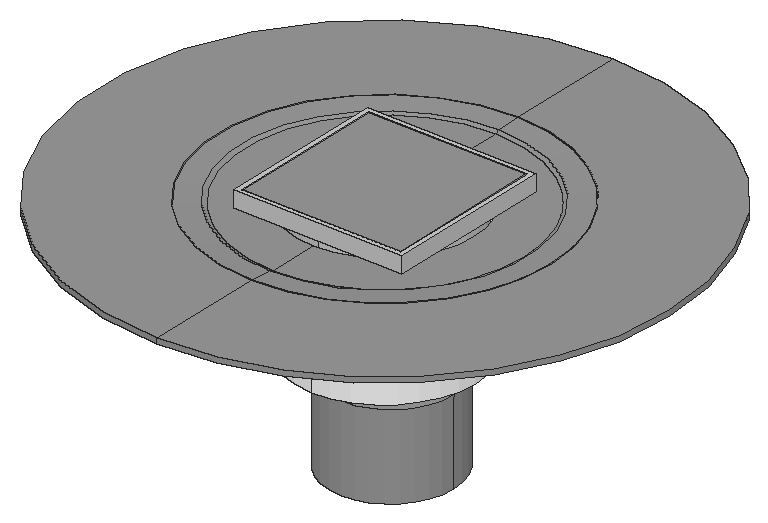
Revit family "151_HL317H", category Instalační zařizovací předměty, Revit 2016
Family settings
  Typ součásti = Normální
  Kóta kulaté spojky = Použít průměr
  Číslo OmniClass = 23.70.50.21.24.14
  Nadpis OmniClass = Deck Waste Water Drains
  Založené na pracovní rovině = Ne
  Vždy vertikální = Ano
  Ořezat dutým tvarem při načtení = Ne
  Sdílené = Ano
  Bod výpočtu místnosti = Ano
Parameters (values of type "HL317H")
  РЕШЁТКА = "138 x 138 mm / V2A"
  РАЗМЕР = "DN50/75/110"
  ПРОПУСКНАЯ СПОСОБНОСТЬ = 1.8 L/s
  ПРОИЗВОДИТЕЛЬНОСТЬ = "1,8 l/s"
  ПРАВОВАЯ ИНФОРМАЦИЯ = "Авторские права(©), права на дизайн или какие либо другие права интелектуальной собственности являются исключительной собственностью компании HL Hutterer & Lechner. Изменению не подлежит. Файл семейства с данными о прозводителе изделия защищен паролем с водяным знаком."  # constant formula
  НОМИНАЛЬНЫЙ ДИАМЕТР [instance] = 110 mm
  НАСАДКА = "20-70 mm / 147 x 147 mm / PP"
  МАТЕРИАЛ = "PP"
  МАКСИМАЛЬНАЯ НАГРУЗКА КЛАССА = "K3 - 300kg"
  ВЫСОТА МОНТАЖА = "220 mm"
  ВЕС = "1,98 [kg]"
  SV [instance] = НОМИНАЛЬНЫЙ ДИАМЕТР = 110 mm  # yes
  Připojení ventilace = no
  Výrobce = "HL Hutterer & Lechner GmbH"  # constant formula
  URL = "http://www.hutterer-lechner.com/ru/Products/catalog/floor-drains/attachments/HL317H.aspx"
  Připojení odpadu = yes
  Připojení HW = no
  Popis = "Трапы для внутренних помещений"
  Model = "HL317H"
  Komentáře k typům = "HL317H Трап для внутренних помещенийDN50/75/110 вертикальный с приварным полимербитумным полотном, 147х147мм/138х138мм"
  Keynote = "HL317H"
  Высота монтажа [instance] = 220 mm
  EAN = "9003076317110"
  DN_test [instance] = if(or(НОМИНАЛЬНЫЙ ДИАМЕТР = 50 mm, НОМИНАЛЬНЫЙ ДИАМЕТР = 75 mm, НОМИНАЛЬНЫЙ ДИАМЕТР = 110 mm), 30 mm, 0 mm)  # 30 mm
  Připojení CW = no
  D [instance] = if(НОМИНАЛЬНЫЙ ДИАМЕТР = 110 mm, 6 mm, 0 mm)  # 6 mm
  C [instance] = if(НОМИНАЛЬНЫЙ ДИАМЕТР = 110 mm, 207 mm, if(НОМИНАЛЬНЫЙ ДИАМЕТР = 75 mm, 176 mm, 170 mm))  # 207 mm
  B [instance] = Высота монтажа  # 220 mm
  A [instance] = if(B - 100 mm > 15 mm, B - 100 mm, 15 mm)  # 120 mm
Reference planes
  plane 1 "Center (Front/Back)": y = 0
  plane 2: z = 0
  plane 3 "Center (Left/Right)": x = 0
  plane 4 "Ball Joint Vertical": x = 25.45
  plane 5: z = -220
  plane 6: z = -220
Lines and regions (mm)
  model lines, style "InvisibleLines"
    curve 1: line (0, 0, 0) -> (0, 0, 1000)
  reference lines
    curve 2: line (6, 0, 0) -> (6, 0, -220)
  model lines, detail levels coarse+medium
    curve 3: line (0, 0, -220) -> (0, 0, -100)
    curve 4: line (0, 0, -100) -> (100, 0, 0)
    curve 5: line (0, 0, -100) -> (-100, 0, 0)
  symbolic lines, detail levels coarse+medium
    curve 6: line (-75, 75, 0) -> (75, 75, 0)
    curve 7: line (-75, -75, 0) -> (-75, 75, 0)
    curve 8: line (75, -75, 0) -> (-75, -75, 0)
    curve 9: line (75, 75, 0) -> (75, -75, 0)
    curve 10: line (75, 75, 0) -> (145.711, 145.711, 0)
    curve 11: line (75, -75, 0) -> (145.711, -145.711, 0)
    curve 12: line (-75, 75, 0) -> (-145.711, 145.711, 0)
    curve 13: line (-75, -75, 0) -> (-145.711, -145.711, 0)
  symbolic lines, not visible, detail levels coarse+medium
    curve 14: line (-75, 75, 0) -> (75, 75, 0)
    curve 15: line (-75, -75, 0) -> (-75, 75, 0)
    curve 16: line (75, -75, 0) -> (-75, -75, 0)
    curve 17: line (75, 75, 0) -> (75, -75, 0)
    curve 18: line (75, 75, 0) -> (145.711, 145.711, 0)
    curve 19: line (75, -75, 0) -> (145.711, -145.711, 0)
    curve 20: line (-75, 75, 0) -> (-145.711, 145.711, 0)
    curve 21: line (-75, -75, 0) -> (-145.711, -145.711, 0)
  symbolic lines, style "InvisibleLines", not visible
    curve 22: line (0, 0, 0) -> (0, 0, -30)
Text (mm)
  text "ПОЛ" at (-198.233, 0, -26.556), in view "Drain Construction View"
Dimensions and locks
  locked: plane 4 "Ball Joint Vertical" to plane 3 "Center (Left/Right)" at 25.45
  "Высота монтажа": plane 2 to plane 5
  "A": curve 5 to plane 6
  "B": curve 5 to plane 6
  "B": curve 4 to plane 6
  "B": plane 2 to plane 6
  "DN_test": curve 22 to curve 22
  "D": plane 3 "Center (Left/Right)" to curve 2
  "C": nested 1 to plane 6
  locked: curve 4 to plane 3 "Center (Left/Right)" (angle 45.00°)
  locked: plane 3 "Center (Left/Right)" to curve 5 (angle 45.00°)
  aligned and locked: level to plane 2
  aligned and locked: plane 2 to curve 1
  aligned and locked: plane 3 "Center (Left/Right)" to curve 1
  aligned and locked: plane 3 "Center (Left/Right)" to curve 3
  aligned and locked: plane 3 "Center (Left/Right)" to curve 5
  aligned and locked: plane 2 to curve 2
  aligned and locked: plane 6 to curve 2
  aligned and locked: plane 5 to nested 4
Automatic sketch dimensions
  curve 3 to plane 5 = 0 mm
  level to curve 1 = 1000 mm
Nested families
  nested 1: "HL_Корпус для трапа внутренних помещений_HL317KH" at (0, 0, -13), type "HL317KH_Main Component"
  nested 2: "HL_Решётка_HL0317.1E" at (0, 0, 0), type "HL0317.1E_Main Component"
  nested 3: "HL_Насадка_HL0317.2E" at (0, 0, 0), type "HL0317.2E_Main Component"
    with Высота монтажа 20 mm, ВМ_Тест yes, ВМ 40 mm
  nested 4: "HL_Уменьшение_HL0317.4E" at (61, 0, -146) x (0, 0, -1) z (1, 0, 0), visible <- "SV", type "HL0317.4E_Main Component"
  nested 5: "HL_Песколовка_HL0317.5E" at (0, 0, -6), type "HL0317.5E_Main Component"
Connectors
  piping at (6, 0, -220), diameter 110, driven by "ПРОПУСКНАЯ СПОСОБНОСТЬ", driven by "НОМИНАЛЬНЫЙ ДИАМЕТР"
    settings: on curve 2, index 1, connector inside diameter 609.6 mm, connector length 0 mm, flow factor 0, pipe flow 1.8 L/s, pressure drop 0.0 Pa, fitting loss kfactor 0, connector angle 0.00°, fixture units 0, engagement length 0 mm, angle of deflection 0.00°, flow configuration 1, flow direction 2, fitting loss method 0, system type 16, joint type 0, gender type 0, connector reference index -1, connector utility 0, adjustable connector no, is connector primary yes, connector description ""
Definition of nested family "HL_Корпус для трапа внутренних помещений_HL317KH"
  Parameters (values of type "HL317KH")
    РАЗМЕР = "DN50/75/110"
    ПРАВОВАЯ ИНФОРМАЦИЯ = "Авторские права(©), права на дизайн или какие либо другие права интелектуальной собственности являются исключительной собственностью компании HL Hutterer & Lechner. Изменению не подлежит. Файл семейства с данными о прозводителе изделия защищен паролем с водяным знаком."  # constant formula
    МАТЕРИАЛ = "PP"
    ВЫСОТА МОНТАЖА = "200 mm"
    ВЕС = "0,79 [kg]"
    Waste Connection = yes
    Vent Connection = no
    Manufacturer = "HL Hutterer & Lechner GmbH"  # constant formula
    URL = "http://www.hutterer-lechner.com/ru/Products/catalog/floor-drains/attachments/HL317KH.aspx"
    HW Connection = no
    Description = "Трапы для внутренних помещений - Комплектующие"
    Model = "HL317KH"
    Type Comments = "HL317K Корпус трапа для внутренних помещений DN50/75/110 вертикальный"
    Keynote = "HL317KH"
    EAN = "9003076009022"
    CW Connection = no
  Reference planes
    plane 1 "Center (Front/Back)": y = 0
    plane 2: z = 0
    plane 3 "Center (Left/Right)": x = 0
    plane 4 "Ball Joint Vertical": x = 25.45
  Forms (mm)
    Revolve 1, solid, detail levels fine
      sketch origin (0, 0, 0) x (0, 1, 0) y (0, 0, 1)
        loop
          line (150, -4.7) -> (78.5, -4.7) -> (78.5, -26.84) -> (74.8, -26.84) -> (74.8, -33.04) -> (77, -33.04) -> (77, -114.27) -> (30.2, -114.27) -> (30.2, -46.27) -> (27.189, -46.27) -> (27.189, -114.27) -> (21.9, -114.27) -> (21.9, -170.37) -> (25, -170.37) -> (25, -117.27) -> (34.4, -117.27) -> (34.4, -176.27) -> (37.5, -176.27) -> (37.5, -117.27) -> (80, -117.27) -> (80, -42.695) -> (89.2, -29.537) -> (89.2, -21.569) -> (94.095, -21.569) -> (94.527, -13.313) -> (110.94, -12.099) -> (116.81, -9.753) -> (150, -7.432) -> (150, -4.7)
        loop
          line (41.5, -23.77) -> (0, -23.77) -> (0, -26.84) -> (39.5, -26.84) -> (39.5, -96.27) -> (41.5, -96.27) -> (41.5, -23.77)
        axis (0, -4.7) -> (0, -176.27)
      angle from 0 to 360
    Revolve 2, solid, detail levels fine
      sketch origin (0, 0, 0) x (0, 1, 0) y (0, 0, 1)
        loop
          line (250, 0) -> (145.993, 0) -> (145.993, -4.7) -> (250, -4.7) -> (250, 0)
        axis (0, 0) -> (0, -4.7)
      angle from 0 to 360
    Revolve 3, solid, detail levels fine
      sketch origin (0, 0, 0) x (0, 1, 0) y (0, 0, 1)
        loop
          line (145.993, 0) -> (125.67, -1.509) -> (122.333, -2.84) -> (78.5, -2.84) -> (78.5, -4.7) -> (145.993, -4.7) -> (145.993, 0)
        axis (0, 0) -> (0, -4.7)
      angle from 0 to 360
  Text (mm)
    text "ROOF/FLOOR" at (-198.233, 0, -26.556), in view "Drain Construction View"
  Dimensions and locks
    locked: plane 4 "Ball Joint Vertical" to plane 3 "Center (Left/Right)" at 25.45
    aligned and locked: level to plane 2
Definition of nested family "HL_Решётка_HL0317.1E"
  Parameters (values of type "HL0317.1E")
    РАЗМЕР = "138x138 mm"
    ПРАВОВАЯ ИНФОРМАЦИЯ = "Авторские права(©), права на дизайн или какие либо другие права интелектуальной собственности являются исключительной собственностью компании HL Hutterer & Lechner. Изменению не подлежит. Файл семейства с данными о прозводителе изделия защищен паролем с водяным знаком."  # constant formula
    МАТЕРИАЛ = "V2A"
    МАКСИМАЛЬНАЯ НАГРУЗКА КЛАССА = "K3 - 300 kg"
    ВЕС = "0,20 [kg]"
    Waste Connection = yes
    Vent Connection = no
    Manufacturer = "HL Hutterer & Lechner GmbH"  # constant formula
    URL = "http://www.hutterer-lechner.com/ru/Products/catalog/floor-drains/attachments/HL0317.1E.aspx"
    HW Connection = no
    Description = "Трапы для внутренних помещений - Комплектующие"
    Model = "HL0317.1E"
    Type Comments = "HL0317.1E Решетка для сливных отверстий из высококачественной стали 138х138мм"
    Keynote = "HL0317.1E"
    EAN = "9003076317011"
    CW Connection = no
  Reference planes
    plane 1 "Center (Front/Back)": y = 0
    plane 2: z = 0
    plane 3 "Center (Left/Right)": x = 0
    plane 4 "Ball Joint Vertical": x = 25.45
  Forms (mm)
    Extrusion 1, solid, detail levels fine
      sketch origin (0, 0, 0) x (1, 0, 0) y (0, 1, 0)
        loop
          line (-69, 69) -> (-69, -69) -> (69, -69) -> (69, 69) -> (-69, 69)
      from 0 to -5
  Lines and regions (mm)
    model lines, detail levels fine
      curve 1: line (40.5, 59.75, 0) -> (-40.5, 59.75, 0)
      curve 2: line (-40.5, 52.25, 0) -> (40.5, 52.25, 0)
      curve 3: line (24.5, 43.75, 0) -> (-24.5, 43.75, 0)
      curve 4: line (-24.5, 36.25, 0) -> (24.5, 36.25, 0)
      curve 5: line (8.5, 27.75, 0) -> (-8.5, 27.75, 0)
      curve 6: line (-8.5, 20.25, 0) -> (8.5, 20.25, 0)
      curve 7: arc (-8.5, 27.75, 0) -> (-12.25, 24, 0) -> (-8.5, 20.25, 0) r 3.75
      curve 8: arc (8.5, 20.25, 0) -> (12.25, 24, 0) -> (8.5, 27.75, 0) r 3.75
      curve 9: arc (24.5, 36.25, 0) -> (28.25, 40, 0) -> (24.5, 43.75, 0) r 3.75
      curve 10: arc (40.5, 52.25, 0) -> (44.25, 56, 0) -> (40.5, 59.75, 0) r 3.75
      curve 11: arc (-40.5, 59.75, 0) -> (-44.25, 56, 0) -> (-40.5, 52.25, 0) r 3.75
      curve 12: arc (-24.5, 43.75, 0) -> (-28.25, 40, 0) -> (-24.5, 36.25, 0) r 3.75
      curve 13: line (-59.75, 40.5, 0) -> (-59.75, -40.5, 0)
      curve 14: line (-52.25, -40.5, 0) -> (-52.25, 40.5, 0)
      curve 15: line (-43.75, 24.5, 0) -> (-43.75, -24.5, 0)
      curve 16: line (-36.25, -24.5, 0) -> (-36.25, 24.5, 0)
      curve 17: line (-27.75, 8.5, 0) -> (-27.75, -8.5, 0)
      curve 18: line (-20.25, -8.5, 0) -> (-20.25, 8.5, 0)
      curve 19: arc (-20.25, 8.5, 0) -> (-24, 12.25, 0) -> (-27.75, 8.5, 0) r 3.75
      curve 20: arc (-27.75, -8.5, 0) -> (-24, -12.25, 0) -> (-20.25, -8.5, 0) r 3.75
      curve 21: arc (-43.75, -24.5, 0) -> (-40, -28.25, 0) -> (-36.25, -24.5, 0) r 3.75
      curve 22: arc (-36.25, 24.5, 0) -> (-40, 28.25, 0) -> (-43.75, 24.5, 0) r 3.75
      curve 23: arc (-52.25, 40.5, 0) -> (-56, 44.25, 0) -> (-59.75, 40.5, 0) r 3.75
      curve 24: arc (-59.75, -40.5, 0) -> (-56, -44.25, 0) -> (-52.25, -40.5, 0) r 3.75
      curve 25: line (8.5, -20.25, 0) -> (-8.5, -20.25, 0)
      curve 26: line (-8.5, -27.75, 0) -> (8.5, -27.75, 0)
      curve 27: line (24.5, -36.25, 0) -> (-24.5, -36.25, 0)
      curve 28: line (-24.5, -43.75, 0) -> (24.5, -43.75, 0)
      curve 29: line (40.5, -52.25, 0) -> (-40.5, -52.25, 0)
      curve 30: line (-40.5, -59.75, 0) -> (40.5, -59.75, 0)
      curve 31: arc (-40.5, -52.25, 0) -> (-44.25, -56, 0) -> (-40.5, -59.75, 0) r 3.75
      curve 32: arc (40.5, -59.75, 0) -> (44.25, -56, 0) -> (40.5, -52.25, 0) r 3.75
      curve 33: arc (24.5, -43.75, 0) -> (28.25, -40, 0) -> (24.5, -36.25, 0) r 3.75
      curve 34: arc (-24.5, -36.25, 0) -> (-28.25, -40, 0) -> (-24.5, -43.75, 0) r 3.75
      curve 35: arc (-8.5, -20.25, 0) -> (-12.25, -24, 0) -> (-8.5, -27.75, 0) r 3.75
      curve 36: arc (8.5, -27.75, 0) -> (12.25, -24, 0) -> (8.5, -20.25, 0) r 3.75
      curve 37: line (20.25, 8.5, 0) -> (20.25, -8.5, 0)
      curve 38: line (27.75, -8.5, 0) -> (27.75, 8.5, 0)
      curve 39: line (36.25, 24.5, 0) -> (36.25, -24.5, 0)
      curve 40: line (43.75, -24.5, 0) -> (43.75, 24.5, 0)
      curve 41: line (52.25, 40.5, 0) -> (52.25, -40.5, 0)
      curve 42: line (59.75, -40.5, 0) -> (59.75, 40.5, 0)
      curve 43: arc (52.25, -40.5, 0) -> (56, -44.25, 0) -> (59.75, -40.5, 0) r 3.75
      curve 44: arc (36.25, -24.5, 0) -> (40, -28.25, 0) -> (43.75, -24.5, 0) r 3.75
      curve 45: arc (20.25, -8.5, 0) -> (24, -12.25, 0) -> (27.75, -8.5, 0) r 3.75
      curve 46: arc (27.75, 8.5, 0) -> (24, 12.25, 0) -> (20.25, 8.5, 0) r 3.75
      curve 47: arc (43.75, 24.5, 0) -> (40, 28.25, 0) -> (36.25, 24.5, 0) r 3.75
      curve 48: arc (59.75, 40.5, 0) -> (56, 44.25, 0) -> (52.25, 40.5, 0) r 3.75
      curve 49: line (-6.994, -2.339, 0) -> (-2.397, -6.935, 0)
      curve 50: line (-4.077, -3.134, 0) -> (-5.933, -1.278, 0)
      curve 51: line (-1.337, -5.874, 0) -> (-3.193, -4.018, 0)
      curve 52: line (-3.193, -4.018, 0) -> (-0.718, -1.543, 0)
      curve 53: line (-1.602, -0.659, 0) -> (-4.077, -3.134, 0)
      curve 54: line (-0.718, -1.543, 0) -> (1.138, -3.399, 0)
      curve 55: line (-3.458, 1.197, 0) -> (-1.602, -0.659, 0)
      curve 56: line (-1.337, 3.318, 0) -> (2.906, -0.925, 0)
      curve 57: line (3.967, 0.136, 0) -> (-0.276, 4.379, 0)
      curve 58: line (6.353, 2.523, 0) -> (3.967, 0.136, 0)
      curve 59: line (4.674, -0.925, 0) -> (7.237, 1.639, 0)
      curve 60: arc (-6.994, -2.339, 0) -> (-6.994, -1.278, 0) -> (-5.933, -1.278, 0) r 0.75
      curve 61: arc (-3.458, 1.197, 0) -> (-3.458, 2.257, 0) -> (-2.397, 2.257, 0) r 0.75
      curve 62: arc (-1.337, 3.318, 0) -> (-1.337, 4.379, 0) -> (-0.276, 4.379, 0) r 0.75
      curve 63: arc (6.353, 2.523, 0) -> (7.237, 2.523, 0) -> (7.237, 1.639, 0) r 0.625
      curve 64: arc (2.906, -0.925, 0) -> (3.79, -1.291, 0) -> (4.674, -0.925, 0) r 1.25
      curve 65: arc (-2.397, -6.935, 0) -> (-1.337, -6.935, 0) -> (-1.337, -5.874, 0) r 0.75
      curve 66: arc (1.138, -3.399, 0) -> (2.183, -3.416, 0) -> (2.232, -2.372, 0) r 0.751
      curve 67: line (2.232, -2.372, 0) -> (-2.397, 2.257, 0)
    model lines
      curve 68: line (0, 0, 0) -> (0, 0, 100)
  Text (mm)
    text "ROOF/FLOOR" at (-198.233, 0, -26.556), in view "Drain Construction View"
  Dimensions and locks
    locked: plane 4 "Ball Joint Vertical" to plane 3 "Center (Left/Right)" at 25.45
    aligned and locked: level to plane 2
Definition of nested family "HL_Насадка_HL0317.2E"
  Parameters (values of type "HL0317.2E")
    РАЗМЕР = "d 145 mm"
    ПРАВОВАЯ ИНФОРМАЦИЯ = "Авторские права(©), права на дизайн или какие либо другие права интелектуальной собственности являются исключительной собственностью компании HL Hutterer & Lechner. Изменению не подлежит. Файл семейства с данными о прозводителе изделия защищен паролем с водяным знаком."  # constant formula
    НАСАДКА = "147x147mm"
    МАТЕРИАЛ = "PP-V2A"
    Высота монтажа [instance] = 70 mm
    ВЫСОТА МОНТАЖА = "20-70mm"
    ВМ_Тест [instance] = and(or(Высота монтажа < ВМ_Max, Высота монтажа > ВМ_Min, Высота монтажа = ВМ_Min))  # yes
    ВМ_Min = 20 mm
    ВМ_Max = 70 mm
    ВМ [instance] = if(ВМ_Тест, Высота монтажа + 20 mm, 0 mm)  # 90 mm
    ВЕС = "0,13 [kg]"
    Waste Connection = yes
    Vent Connection = no
    Manufacturer = "HL Hutterer & Lechner GmbH"  # constant formula
    URL = "http://www.hutterer-lechner.com/ru/Products/catalog/floor-drains/attachments/HL0317.2E.aspx"
    HW Connection = no
    Description = "Трапы для внутренних помещений - Комплектующие"
    Model = "HL0317.2E"
    Type Comments = "HL0317.2E Насадные подрамники d 145мм/90мм/147х147мм"
    Keynote = "HL0317.2E"
    EAN = "9003076317028"
    CW Connection = no
  Reference planes
    plane 1 "Center (Front/Back)": y = 0
    plane 2: z = 0
    plane 3 "Center (Left/Right)": x = 0
    plane 4 "Ball Joint Vertical": x = 25.45
    plane 5: z = -90
  Forms (mm)
    Extrusion 1, solid, detail levels fine
      sketch origin (0, 0, 0) x (1, 0, 0) y (0, 1, 0)
        loop
          line (69.5, 69.5) -> (-69.5, 69.5) -> (-69.5, -69.5) -> (69.5, -69.5) -> (69.5, 69.5)
        loop
          line (73.5, 73.5) -> (-73.5, 73.5) -> (-73.5, -73.5) -> (73.5, -73.5) -> (73.5, 73.5)
      from 0 to -14
    Extrusion 2, solid, detail levels fine
      sketch origin (0, 0, 0) x (1, 0, 0) y (0, 1, 0)
        loop
          line (-21.332, 69.5) -> (-69.5, 69.5) -> (-69.5, 21.332)
          arc (-69.5, 21.332) -> (-51.407, 51.407) -> (-21.332, 69.5) r 72.7
        loop
          line (69.5, 21.332) -> (69.5, 69.5) -> (21.332, 69.5)
          arc (21.332, 69.5) -> (51.407, 51.407) -> (69.5, 21.332) r 72.7
        loop
          line (21.332, -69.5) -> (69.5, -69.5) -> (69.5, -21.332)
          arc (69.5, -21.332) -> (51.407, -51.407) -> (21.332, -69.5) r 72.7
        loop
          line (-69.5, -21.332) -> (-69.5, -69.5) -> (-21.332, -69.5)
          arc (-21.332, -69.5) -> (-51.407, -51.407) -> (-69.5, -21.332) r 72.7
      from -5 to -14
    Revolve 3, solid, detail levels fine
      sketch origin (0, 0, 0) x (0, 1, 0) y (0, 0, 1)
        loop
          line (72.5, -14) -> (69.3, -14) -> (69.3, -90) -> (72.5, -90) -> (72.5, -14)
        axis (0, -14) -> (0, -90)
      angle from 0 to 360
  Cuts and joins
    joined: Extrusion 1, Extrusion 2, Revolve 3
  Lines and regions (mm)
    symbolic lines, not visible
      curve 1: line (0, 0, -90) -> (0, 0, 0)
    model lines
      curve 2: line (0, 0, 0) -> (0, 0, 100)
  Text (mm)
    text "ROOF/FLOOR" at (-198.233, 0, -26.556), in view "Drain Construction View"
  Dimensions and locks
    locked: plane 4 "Ball Joint Vertical" to plane 3 "Center (Left/Right)" at 25.45
    "ВМ": plane 2 to plane 5
    aligned and locked: level to plane 2
    aligned and locked: plane 5 to cut or joined group of Extrusion 1, Extrusion 2, Revolve 3
    aligned and locked: plane 2 to curve 1
    aligned and locked: plane 5 to curve 1
    aligned and locked: plane 3 "Center (Left/Right)" to curve 1
  Automatic sketch dimensions
    Extrusion 1 sketch curve to plane 3 "Center (Left/Right)" = 73.5 mm
    Extrusion 1 sketch curve to Extrusion 1 sketch curve = 4 mm  (x4)
    plane 4 "Ball Joint Vertical" to Extrusion 1 sketch curve = 44.05 mm
    plane 1 "Center (Front/Back)" to Extrusion 1 sketch curve = 73.5 mm
    Extrusion 1 sketch curve to plane 1 "Center (Front/Back)" = 69.5 mm
    Extrusion 2 sketch curve to Extrusion 2 sketch curve = 0 mm  (x13)
    plane 1 "Center (Front/Back)" to Extrusion 2 sketch curve = 0 mm
    Extrusion 2 sketch curve to plane 3 "Center (Left/Right)" = 0 mm
    Extrusion 2 sketch curve to plane 3 "Center (Left/Right)" = 21.332 mm  (x2)
    Extrusion 2 sketch curve to Extrusion 2 sketch curve = 48.168 mm  (x2)
    Extrusion 2 sketch curve to plane 4 "Ball Joint Vertical" = 4.118 mm  (x2)
    plane 4 "Ball Joint Vertical" to Extrusion 2 sketch curve = 44.05 mm  (x2)
    plane 1 "Center (Front/Back)" to Extrusion 2 sketch curve = 21.332 mm  (x2)
    Extrusion 2 sketch curve to plane 1 "Center (Front/Back)" = 21.332 mm
    Extrusion 2 sketch curve to plane 1 "Center (Front/Back)" = 69.5 mm
    Revolve 3 sketch curve to plane 1 "Center (Front/Back)" = 0 mm
    Revolve 3 sketch curve to plane 5 = 0 mm
    Revolve 3 sketch curve to level = 14 mm
    Revolve 3 sketch curve to plane 1 "Center (Front/Back)" = 69.3 mm
    Revolve 3 sketch curve to Revolve 3 sketch curve = 3.2 mm
    Revolve 3 sketch curve to plane 5 = 430.992 mm
    level to Revolve 3 sketch curve = 2741.474 mm
    curve 2 to curve 2 = 100 mm
Definition of nested family "HL_Уменьшение_HL0317.4E"
  Parameters (values of type "HL0317.4E")
    РАЗМЕР = "DN110xDN75"
    ПРАВОВАЯ ИНФОРМАЦИЯ = "Авторские права(©), права на дизайн или какие либо другие права интелектуальной собственности являются исключительной собственностью компании HL Hutterer & Lechner. Изменению не подлежит. Файл семейства с данными о прозводителе изделия защищен паролем с водяным знаком."  # constant formula
    МАТЕРИАЛ = "PP"
    ВЕС = "0,10 [kg]"
    Waste Connection = yes
    Vent Connection = no
    Manufacturer = "HL Hutterer & Lechner GmbH"  # constant formula
    URL = "http://www.hutterer-lechner.com/ru/Products/catalog/floor-drains/attachments/HL0317.4E.aspx"
    HW Connection = no
    Description = "Трапы для внутренних помещений - Комплектующие"
    Model = "HL0317.4E"
    Type Comments = "HL0317.4E Уменьшение DN110xDN75"
    Keynote = "HL0317.4E"
    EAN = "9003076317042"
    CW Connection = no
  Reference planes
    plane 1 "Center (Front/Back)": y = 0
    plane 2: z = 0
    plane 3 "Center (Left/Right)": x = 0
    plane 4 "Ball Joint Vertical": x = 25.45
  Forms (mm)
    Revolve 1, solid, detail levels fine
      sketch origin (0, 0, 0) x (1, 0, 0) y (0, 0, 1)
        loop
          line (74, -2.7) -> (74, 0) -> (0, 0) -> (0, -55) -> (3, -55) -> (3, -2.7) -> (74, -2.7)
        axis (74, -55) -> (0, -55)
      angle from 0 to 360
    Revolve 2, solid, detail levels fine
      sketch origin (0, 0, 0) x (1, 0, 0) y (0, 0, 1)
        loop
          line (-15, -21.165) -> (-15, -23.3) -> (39.9, -23.3) -> (39.9, -21.3) -> (0, -21.3) -> (0, -17) -> (-8.629, -17) -> (-11.112, -21.165) -> (-15, -21.165)
        axis (-15, -61) -> (39.9, -61)
      angle from 0 to 360
    Extrusion 3, void
      sketch origin (0, 0, 0) x (0, 1, 0) y (0, 0, 1)
        loop
          arc (-33.715, -46.537) -> (-35.917, -53.62) -> (-36.661, -61) r 36.983
          arc (-36.661, -61) -> (-12.182, -95.805) -> (28.85, -84.535) r 36.983
          arc (28.85, -84.535) -> (31.932, -80.198) -> (34.36, -75.463) r 36.983
          arc (34.36, -75.463) -> (36.561, -68.38) -> (37.305, -61) r 36.983
          arc (37.305, -61) -> (7.702, -24.761) -> (-33.715, -46.537) r 36.983
      from 55.439 to -38.757
  Cuts and joins
    Extrusion 3 cuts Revolve 1
  Text (mm)
    text "ROOF/FLOOR" at (-198.233, 0, -26.556), in view "Drain Construction View"
  Dimensions and locks
    locked: plane 4 "Ball Joint Vertical" to plane 3 "Center (Left/Right)" at 25.45
    aligned and locked: level to plane 2
Definition of nested family "HL_Песколовка_HL0317.5E"
  Parameters (values of type "HL0317.5E")
    ПРАВОВАЯ ИНФОРМАЦИЯ = "Авторские права(©), права на дизайн или какие либо другие права интелектуальной собственности являются исключительной собственностью компании HL Hutterer & Lechner. Изменению не подлежит. Файл семейства с данными о прозводителе изделия защищен паролем с водяным знаком."  # constant formula
    МАТЕРИАЛ = "PP"
    ВЕС = "0,03[kg]"
    Waste Connection = yes
    Vent Connection = no
    Manufacturer = "HL Hutterer & Lechner GmbH"  # constant formula
    URL = "http://www.hutterer-lechner.com/ru/Products/catalog/floor-drains/attachments/HL0317.5E.aspx"
    HW Connection = no
    Description = "Трапы для внутренних помещений - Комплектующие"
    Model = "HL0317.5E"
    Type Comments = "HL0317.5E Песколовка"
    Keynote = "HL0317.5E"
    EAN = "9003076317059"
    CW Connection = no
  Reference planes
    plane 1 "Center (Front/Back)": y = 0
    plane 2: z = 0
    plane 3 "Center (Left/Right)": x = 0
    plane 4 "Ball Joint Vertical": x = 25.45
  Forms (mm)
    Revolve 1, solid, detail levels fine
      sketch origin (0, 0, 0) x (0, 1, 0) y (0, 0, 1)
        loop
          line (69, -29) -> (69, 0) -> (67.3, 0) -> (67.3, -27.3) -> (22, -27.3) -> (22, -8) -> (19, -8) -> (19, -29) -> (69, -29)
        axis (0, 0) -> (0, -29)
      angle from 0 to 360
  Lines and regions (mm)
    model lines, detail levels fine
      curve 1: circle (-44.62, 0, -27.3) r 5 normal (0, 0, 1)
      curve 2: circle (0, 44.62, -27.3) r 5 normal (0, 0, 1)
      curve 3: circle (44.62, 0, -27.3) r 5 normal (0, 0, 1)
      curve 4: circle (0, -44.62, -27.3) r 5 normal (0, 0, -1)
      curve 5: circle (-38.642, 22.31, -27.3) r 5 normal (0, 0, 1)
      curve 6: circle (22.31, 38.642, -27.3) r 5 normal (0, 0, 1)
      curve 7: circle (38.642, -22.31, -27.3) r 5 normal (0, 0, 1)
      curve 8: circle (-22.31, -38.642, -27.3) r 5 normal (0, 0, -1)
      curve 9: circle (-22.31, 38.642, -27.3) r 5 normal (0, 0, 1)
      curve 10: circle (38.642, 22.31, -27.3) r 5 normal (0, 0, 1)
      curve 11: circle (22.31, -38.642, -27.3) r 5 normal (0, 0, 1)
      curve 12: circle (-38.642, -22.31, -27.3) r 5 normal (0, 0, -1)
  Text (mm)
    text "ROOF/FLOOR" at (-198.233, 0, -26.556), in view "Drain Construction View"
  Dimensions and locks
    locked: plane 4 "Ball Joint Vertical" to plane 3 "Center (Left/Right)" at 25.45
    aligned and locked: level to plane 2
